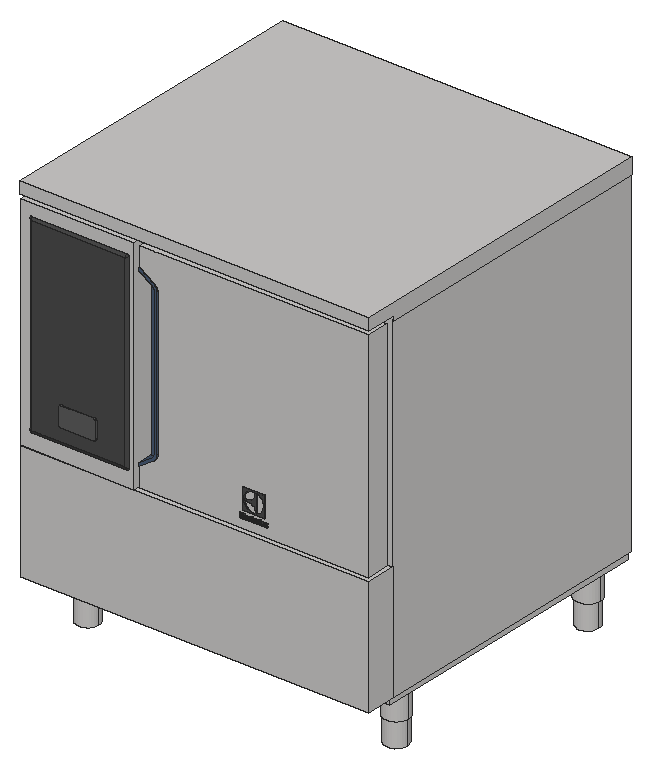
Revit family "QF_ELECTROLUXPROFESSIONAL_725539_EBFA61TE", category Specialty Equipment, Revit 2023
Family settings
  Round Connector Dimension = Use Diameter
  Part Type = Normal
  Work Plane-Based = No
  Enable Cutting in Views = No
  Always vertical = Yes
  Cut with Voids When Loaded = No
  Maintain Annotation Orientation = No
  Shared = No
  Room Calculation Point = No
Parameters
  Weight = 175.00 kg
  Watts = 0 W
  Volts = 380 V
  URL Manufacturer = "http://www.electroluxprofessional.com"
  URL = "http://www.electroluxprofessional.com"
  Steam Supply Size = 0 mm
  Steam Supply Minimum Pressure = 0.0 Pa
  Steam Supply Maximum Pressure = 0.0 Pa
  Steam Pounds per Hour = 0
  Show Logo [instance] = yes
  Show Clearance [instance] = yes
  Refrigeration Suction Line Size = 0 mm
  Refrigeration Liquid Line Size = 0 mm
  Refrigerant Compressor Remote = yes
  Manufacturer = "Electrolux Professional"
  Phase = 3
  Model = "EBFA61TE"
  Length Actual = 897 mm
  Item Number = "725539"
  Hot Water Size = 0 mm
  Height Actual = 1060 mm
  HP = "3.6 HP"
  Gas Size = 0 mm
  Gas KW = 0
  Gas Input Pressure = 0 W
  Direct Waste Size = 139.7 mm
  Description = "SKYLINE CHILLS BLAST CHILLER FREEZER 30/30KG 6 GN 1/1 - WITH TOP - R290"
  Depth Actual = 937 mm
  Default Elevation = 0 mm
  Cycle = 50 Hz
  Condensate Return Size = 0 mm
  Compressed Air Volume = 0.0 L/s
  Compressed Air Size = 0 mm
  Compressed Air Pressure = 0.0 Pa
  Cold Water Size = 0 mm
  Accessory = no
Reference planes
  plane 1 "Center X": y = 126.851
  plane 2: z = 0
  plane 3 "Center Y": x = -311.5
  plane 4 "LEFT": x = -760
  plane 5 "BACK": y = 548.851
  plane 6 "RIGHT": x = 137
  plane 7 "FRONT": y = -295.149
  plane 8: z = 130
  plane 9 "TOP": z = 1060.038
  plane 10: x = -708
  plane 11: y = 473.851
  plane 12: x = 85
  plane 13: y = -142.149
  plane 14: z = 1020.038
  plane 15: y = 641.851
  plane 16: y = -847.149
Forms (mm)
  Extrusion 1, solid, material "QF_Finishes_Stainless Steel"
    sketch origin (0, 0, 1060.038) x (-1, 0, 0) y (0, -1, 0)
      loop
        line (759, -548.851) -> (759, 216.149) -> (-136, 216.149) -> (-136, -548.851) -> (759, -548.851)
    from -40 to -910.018
  Extrusion 2, solid, material "QF_Finishes_Stainless Steel"
    sketch origin (0, -295.149, 0) x (-1, 0, 0) y (0, 0, 1)
      loop
        line (451.2, 1020.033) -> (-135.995, 1020.033) -> (-135.995, 462.497) -> (451.2, 462.497) -> (451.2, 513.683) -> (415.41, 537.406)
        arc (415.41, 537.406) -> (408.839, 544.616) -> (406.46, 554.076) r 20
        line (406.46, 554.076) -> (406.46, 928.989)
        arc (406.46, 928.989) -> (408.716, 937.969) -> (414.947, 944.816) r 19
        line (414.947, 944.816) -> (451.2, 968.898) -> (451.2, 1020.033)
    from 0 to 60
  Extrusion 3, void
    sketch origin (-759, -216.149, 1060.038) x (-1, 0, 0) y (0, 0, 1)
      loop
        line (-370.8, -100) -> (-826.8, -100) -> (-826.8, -491.98) -> (-370.8, -491.98) -> (-370.8, -100)
    from 0 to 703
  Extrusion 4, solid, material "QF_Finishes_Stainless Steel"
    sketch origin (-760, -0.954, 0) x (0, 1, 0) y (0, 0, 1)
      loop
        line (549.805, 694.306) -> (549.805, 392.314) -> (635.5, 399.789)
        arc (635.5, 399.789) -> (640.702, 402.354) -> (642.805, 407.759) r 8
        line (642.805, 407.759) -> (642.805, 433.233)
        arc (642.805, 433.233) -> (638.783, 442.547) -> (642.805, 451.86) r 12.795
        line (642.805, 451.86) -> (642.805, 483.24)
        arc (642.805, 483.24) -> (638.783, 492.554) -> (642.805, 501.867) r 12.795
        line (642.805, 501.867) -> (642.805, 533.247)
        arc (642.805, 533.247) -> (638.783, 542.56) -> (642.805, 551.874) r 12.795
        line (642.805, 551.874) -> (642.805, 583.254)
        arc (642.805, 583.254) -> (638.783, 592.567) -> (642.805, 601.881) r 12.795
        line (642.805, 601.881) -> (642.805, 634.796)
        arc (642.805, 634.796) -> (641.466, 639.795) -> (637.808, 643.455) r 10
        line (637.808, 643.455) -> (549.805, 694.306)
    from 123.244 to 306.92
  Extrusion 5, solid, material "QF_Finishes_Stainless Steel"
    sketch origin (-817.599, 548.851, 1060.038) x (1, 0, 0) y (0, 0, -1)
      loop
        circle (121.599, 802.038) r 10.5
    from 0 to 29
  Extrusion 6, solid, material "QF_Finishes_Stainless Steel"
    sketch origin (0, -235.149, 0) x (-1, 0, 0) y (0, 0, 1)
      loop
        arc (406.46, 554.076) -> (408.839, 544.616) -> (415.41, 537.406) r 20
        line (415.41, 537.406) -> (451.2, 513.683) -> (451.2, 968.898) -> (414.947, 944.816)
        arc (414.947, 944.816) -> (408.716, 937.969) -> (406.46, 928.989) r 19
        line (406.46, 928.989) -> (406.46, 554.076)
    from -21 to 0
  Extrusion 7, solid, material "QF_Finishes_Electrolux_Blue"
    sketch origin (0, -295.149, 0) x (1, 0, 0) y (0, 0, 1)
      loop
        line (-451.2, 968.898) -> (-453.7, 968.898) -> (-453.7, 962.755) -> (-418.543, 939.401)
        arc (-418.543, 939.401) -> (-414.444, 934.897) -> (-412.96, 928.989) r 12.5
        line (-412.96, 928.989) -> (-412.96, 554.076)
        arc (-412.96, 554.076) -> (-414.566, 547.691) -> (-419.001, 542.824) r 13.5
        line (-419.001, 542.824) -> (-453.7, 519.824) -> (-453.7, 513.683) -> (-451.2, 513.683) -> (-415.41, 537.406)
        arc (-415.41, 537.406) -> (-408.839, 544.616) -> (-406.46, 554.076) r 20
        line (-406.46, 554.076) -> (-406.46, 928.989)
        arc (-406.46, 928.989) -> (-408.716, 937.969) -> (-414.947, 944.816) r 19
        line (-414.947, 944.816) -> (-451.2, 968.898)
    from -39 to 1
  Extrusion 8, solid, material "QF_Finishes_Stainless Steel"
    sketch origin (0, 0, 1060.038) x (-1, 0, 0) y (0, -1, 0)
      loop
        line (759, 295.149) -> (467.2, 295.149) -> (467.2, 217.149) -> (759, 217.149) -> (759, 295.149)
    from -40 to -607
  Extrusion 9, solid, material "QF_Finishes_Stainless Steel"
    sketch origin (-1206.916, -1524, 130) x (-1, 0, 0) y (0, -1, 0)
      loop
        line (-447.916, -1228.851) -> (-1342.916, -1228.851) -> (-1342.916, -1306.851) -> (-447.916, -1306.851) -> (-447.916, -1228.851)
    from 322 to 20.02
  Extrusion 10, solid, material "QF_Finishes_Stainless Steel"
    sketch origin (-311.5, 0, 0) x (0, 1, 0) y (0, 0, 1)
      loop
        line (548.851, 1060.038) -> (-295.149, 1060.038) -> (-295.149, 1030.034) -> (-216.149, 1030.034) -> (-216.149, 1020.038) -> (548.851, 1020.038) -> (548.851, 1060.038)
    from -448.5 to 448.5
  Extrusion 11, solid, material "QF_Finishes_Stainless Steel"
    sketch origin (0, 0, 1060.038) x (-1, 0, 0) y (0, -1, 0)
      loop
        line (748.993, -548.851) -> (748.993, 214.216) -> (-125.993, 214.216) -> (-125.993, -548.851) -> (748.993, -548.851)
    from -910.018 to -930.038
  Extrusion 12, solid, material "QF_Finishes_Stainless Steel"
    sketch origin (0, 0, 130) x (0, -1, 0) y (-1, 0, 0)
      loop
        circle (-215.851, 360) r 9.5
    from 0 to 31.68
  Extrusion 13, void
    sketch origin (0, 0, 1060.038) x (-1, 0, 0) y (0, -1, 0)
      loop
        line (627.033, -641.851) -> (636.756, -641.851) -> (636.756, -548.851) -> (635.125, -548.851) -> (627.033, -641.851)
      loop
        line (454.711, -548.851) -> (453.08, -548.851) -> (453.08, -641.851) -> (462.803, -641.851) -> (454.711, -548.851)
    from -673 to -363
  Extrusion 14, solid, material "QF_Door-Drawer Clearances", visible <- "Show Clearance", detail levels coarse
    sketch origin (143, -393.449, 0) x (0, -1, 0) y (0, 0, 1)
      loop
        line (451.2, 1020.033) -> (-98.3, 1020.033) -> (-98.3, 462.497) -> (451.2, 462.497) -> (451.2, 513.683) -> (415.41, 537.406)
        arc (415.41, 537.406) -> (408.839, 544.616) -> (406.46, 554.076) r 20
        line (406.46, 554.076) -> (406.46, 928.989)
        arc (406.46, 928.989) -> (408.716, 937.969) -> (414.947, 944.816) r 19
        line (414.947, 944.816) -> (451.2, 968.898) -> (451.2, 1020.033)
    from 0 to 60
  Extrusion 15, solid, material "QF_Door-Drawer Clearances", visible <- "Show Clearance", detail levels coarse
    sketch origin (83, -393.449, 0) x (0, -1, 0) y (0, 0, 1)
      loop
        arc (406.46, 554.076) -> (408.839, 544.616) -> (415.41, 537.406) r 20
        line (415.41, 537.406) -> (451.2, 513.683) -> (451.2, 968.898) -> (414.947, 944.816)
        arc (414.947, 944.816) -> (408.716, 937.969) -> (406.46, 928.989) r 19
        line (406.46, 928.989) -> (406.46, 554.076)
    from -21 to 0
  Extrusion 16, solid, material "QF_Door-Drawer Clearances", visible <- "Show Clearance", detail levels coarse
    sketch origin (143, -393.449, 0) x (0, 1, 0) y (0, 0, 1)
      loop
        line (-451.2, 968.898) -> (-453.7, 968.898) -> (-453.7, 962.755) -> (-418.543, 939.401)
        arc (-418.543, 939.401) -> (-414.444, 934.897) -> (-412.96, 928.989) r 12.5
        line (-412.96, 928.989) -> (-412.96, 554.076)
        arc (-412.96, 554.076) -> (-414.566, 547.691) -> (-419.001, 542.824) r 13.5
        line (-419.001, 542.824) -> (-453.7, 519.824) -> (-453.7, 513.683) -> (-451.2, 513.683) -> (-415.41, 537.406)
        arc (-415.41, 537.406) -> (-408.839, 544.616) -> (-406.46, 554.076) r 20
        line (-406.46, 554.076) -> (-406.46, 928.989)
        arc (-406.46, 928.989) -> (-408.716, 937.969) -> (-414.947, 944.816) r 19
        line (-414.947, 944.816) -> (-451.2, 968.898)
    from -39 to 1
  Extrusion 17, solid, material "QF_Door-Drawer Clearances", visible <- "Show Clearance", detail levels coarse
    sketch origin (0, 0, 1060.038) x (-1, 0, 0) y (0, -1, 0)
      loop
        line (-83, 295.149) -> (451.2, 295.149)
        arc (451.2, 295.149) -> (290.883, 673.709) -> (-83, 844.649) r 567.425
        line (-83, 844.649) -> (-83, 295.149)
    from -597.541 to -40
Cuts and joins
  Extrusion 3 cuts Extrusion 1
  Extrusion 13 cuts Extrusion 4
  joined: Extrusion 1, Extrusion 4, Extrusion 5, Extrusion 10, Extrusion 11, Extrusion 12
  joined: Extrusion 2, Extrusion 6
  joined: Extrusion 14, Extrusion 15, Extrusion 16, Extrusion 17
Lines and regions (mm)
  Split face 1
    outline origin (-489, -295.149, 130) x (-1, 0, 0) y (0, 0, -1)
      loop
        line (-132.388, -290.639) -> (-22.373, -290.639) -> (-22.373, -285.612) -> (-132.388, -285.612) -> (-132.388, -290.639)
  Split face 2
    outline origin (-489, -295.149, 120.528) x (-1, 0, 0) y (0, 0, -1)
      loop
        line (-132.388, -290.639) -> (-22.373, -290.639) -> (-22.373, -285.612) -> (-132.388, -285.612) -> (-132.388, -290.639)
  Split face 3
    outline origin (-489, -295.149, 111.056) x (-1, 0, 0) y (0, 0, -1)
      loop
        line (-132.388, -290.639) -> (-22.373, -290.639) -> (-22.373, -285.612) -> (-132.388, -285.612) -> (-132.388, -290.639)
  Split face 4
    outline origin (-489, -295.149, 101.583) x (-1, 0, 0) y (0, 0, -1)
      loop
        line (-132.388, -290.639) -> (-22.373, -290.639) -> (-22.373, -285.612) -> (-132.388, -285.612) -> (-132.388, -290.639)
  Split face 5
    outline origin (-489, -295.149, 92.111) x (-1, 0, 0) y (0, 0, -1)
      loop
        line (-132.388, -290.639) -> (-22.373, -290.639) -> (-22.373, -285.612) -> (-132.388, -285.612) -> (-132.388, -290.639)
  Split face 6
    outline origin (-489, -295.149, 82.639) x (-1, 0, 0) y (0, 0, -1)
      loop
        line (-132.388, -290.639) -> (-22.373, -290.639) -> (-22.373, -285.612) -> (-132.388, -285.612) -> (-132.388, -290.639)
  Split face 7
    outline origin (-489, -295.149, 73.167) x (-1, 0, 0) y (0, 0, -1)
      loop
        line (-132.388, -290.639) -> (-22.373, -290.639) -> (-22.373, -285.612) -> (-132.388, -285.612) -> (-132.388, -290.639)
  Split face 8
    outline origin (-489, -295.149, 63.695) x (-1, 0, 0) y (0, 0, -1)
      loop
        line (-132.388, -290.639) -> (-22.373, -290.639) -> (-22.373, -285.612) -> (-132.388, -285.612) -> (-132.388, -290.639)
  Split face 9
    outline origin (-489, -295.149, 54.223) x (-1, 0, 0) y (0, 0, -1)
      loop
        line (-132.388, -290.639) -> (-22.373, -290.639) -> (-22.373, -285.612) -> (-132.388, -285.612) -> (-132.388, -290.639)
  Split face 10
    outline origin (-489, -295.149, 44.75) x (-1, 0, 0) y (0, 0, -1)
      loop
        line (-132.388, -290.639) -> (-22.373, -290.639) -> (-22.373, -285.612) -> (-132.388, -285.612) -> (-132.388, -290.639)
  Split face 11
    outline origin (-489, -295.149, 35.278) x (-1, 0, 0) y (0, 0, -1)
      loop
        line (-132.388, -290.639) -> (-22.373, -290.639) -> (-22.373, -285.612) -> (-132.388, -285.612) -> (-132.388, -290.639)
  Split face 12
    outline origin (-489, -295.149, 25.806) x (-1, 0, 0) y (0, 0, -1)
      loop
        line (-132.388, -290.639) -> (-22.373, -290.639) -> (-22.373, -285.612) -> (-132.388, -285.612) -> (-132.388, -290.639)
  Split face 13
    outline origin (-489, -295.149, 16.334) x (-1, 0, 0) y (0, 0, -1)
      loop
        line (-132.388, -290.639) -> (-22.373, -290.639) -> (-22.373, -285.612) -> (-132.388, -285.612) -> (-132.388, -290.639)
  Split face 14
    outline origin (-489, -295.149, 6.862) x (-1, 0, 0) y (0, 0, -1)
      loop
        line (-132.388, -290.639) -> (-22.373, -290.639) -> (-22.373, -285.612) -> (-132.388, -285.612) -> (-132.388, -290.639)
  Split face 15
    outline origin (-489, -295.149, -2.611) x (-1, 0, 0) y (0, 0, -1)
      loop
        line (-132.388, -290.639) -> (-22.373, -290.639) -> (-22.373, -285.612) -> (-132.388, -285.612) -> (-132.388, -290.639)
  Split face 16
    outline origin (-489, -295.149, -12.083) x (-1, 0, 0) y (0, 0, -1)
      loop
        line (-132.388, -290.639) -> (-22.373, -290.639) -> (-22.373, -285.612) -> (-132.388, -285.612) -> (-132.388, -290.639)
  Split face 17
    outline origin (-489, -295.149, -21.555) x (-1, 0, 0) y (0, 0, -1)
      loop
        line (-132.388, -290.639) -> (-22.373, -290.639) -> (-22.373, -285.612) -> (-132.388, -285.612) -> (-132.388, -290.639)
  Split face 18
    outline origin (-489, -295.149, -31.027) x (-1, 0, 0) y (0, 0, -1)
      loop
        line (-132.388, -290.639) -> (-22.373, -290.639) -> (-22.373, -285.612) -> (-132.388, -285.612) -> (-132.388, -290.639)
  Split face 19
    outline origin (-489, -295.149, -40.499) x (-1, 0, 0) y (0, 0, -1)
      loop
        line (-132.388, -290.639) -> (-22.373, -290.639) -> (-22.373, -285.612) -> (-132.388, -285.612) -> (-132.388, -290.639)
  Split face 20
    outline origin (-489, -295.149, -49.972) x (-1, 0, 0) y (0, 0, -1)
      loop
        line (-132.388, -290.639) -> (-22.373, -290.639) -> (-22.373, -285.612) -> (-132.388, -285.612) -> (-132.388, -290.639)
  Split face 21
    outline origin (-489, -295.149, -59.444) x (-1, 0, 0) y (0, 0, -1)
      loop
        line (-132.388, -290.639) -> (-22.373, -290.639) -> (-22.373, -285.612) -> (-132.388, -285.612) -> (-132.388, -290.639)
  Split face 22
    outline origin (-489, -295.149, -68.916) x (-1, 0, 0) y (0, 0, -1)
      loop
        line (-132.388, -290.639) -> (-22.373, -290.639) -> (-22.373, -285.612) -> (-132.388, -285.612) -> (-132.388, -290.639)
  Split face 23
    outline origin (-489, -295.149, -78.388) x (-1, 0, 0) y (0, 0, -1)
      loop
        line (-132.388, -290.639) -> (-22.373, -290.639) -> (-22.373, -285.612) -> (-132.388, -285.612) -> (-132.388, -290.639)
  Split face 24
    outline origin (-489, -295.149, -87.86) x (-1, 0, 0) y (0, 0, -1)
      loop
        line (-132.388, -290.639) -> (-22.373, -290.639) -> (-22.373, -285.612) -> (-132.388, -285.612) -> (-132.388, -290.639)
  Split face 25
    outline origin (-489, -295.149, -97.332) x (-1, 0, 0) y (0, 0, -1)
      loop
        line (-132.388, -290.639) -> (-22.373, -290.639) -> (-22.373, -285.612) -> (-132.388, -285.612) -> (-132.388, -290.639)
  Split face 26
    outline origin (-489, -295.149, -106.805) x (-1, 0, 0) y (0, 0, -1)
      loop
        line (-132.388, -290.639) -> (-22.373, -290.639) -> (-22.373, -285.612) -> (-132.388, -285.612) -> (-132.388, -290.639)
  Split face 27
    outline origin (-373.984, -295.149, 130) x (-1, 0, 0) y (0, 0, -1)
      loop
        line (-132.388, -290.639) -> (-22.373, -290.639) -> (-22.373, -285.612) -> (-132.388, -285.612) -> (-132.388, -290.639)
  Split face 28
    outline origin (-373.984, -295.149, 120.528) x (-1, 0, 0) y (0, 0, -1)
      loop
        line (-132.388, -290.639) -> (-22.373, -290.639) -> (-22.373, -285.612) -> (-132.388, -285.612) -> (-132.388, -290.639)
  Split face 29
    outline origin (-373.984, -295.149, 111.056) x (-1, 0, 0) y (0, 0, -1)
      loop
        line (-132.388, -290.639) -> (-22.373, -290.639) -> (-22.373, -285.612) -> (-132.388, -285.612) -> (-132.388, -290.639)
  Split face 30
    outline origin (-373.984, -295.149, 101.583) x (-1, 0, 0) y (0, 0, -1)
      loop
        line (-132.388, -290.639) -> (-22.373, -290.639) -> (-22.373, -285.612) -> (-132.388, -285.612) -> (-132.388, -290.639)
  Split face 31
    outline origin (-373.984, -295.149, 92.111) x (-1, 0, 0) y (0, 0, -1)
      loop
        line (-132.388, -290.639) -> (-22.373, -290.639) -> (-22.373, -285.612) -> (-132.388, -285.612) -> (-132.388, -290.639)
  Split face 32
    outline origin (-373.984, -295.149, 82.639) x (-1, 0, 0) y (0, 0, -1)
      loop
        line (-132.388, -290.639) -> (-22.373, -290.639) -> (-22.373, -285.612) -> (-132.388, -285.612) -> (-132.388, -290.639)
  Split face 33
    outline origin (-373.984, -295.149, 73.167) x (-1, 0, 0) y (0, 0, -1)
      loop
        line (-132.388, -290.639) -> (-22.373, -290.639) -> (-22.373, -285.612) -> (-132.388, -285.612) -> (-132.388, -290.639)
  Split face 34
    outline origin (-373.984, -295.149, 63.695) x (-1, 0, 0) y (0, 0, -1)
      loop
        line (-132.388, -290.639) -> (-22.373, -290.639) -> (-22.373, -285.612) -> (-132.388, -285.612) -> (-132.388, -290.639)
  Split face 35
    outline origin (-373.984, -295.149, 54.223) x (-1, 0, 0) y (0, 0, -1)
      loop
        line (-132.388, -290.639) -> (-22.373, -290.639) -> (-22.373, -285.612) -> (-132.388, -285.612) -> (-132.388, -290.639)
  Split face 36
    outline origin (-373.984, -295.149, 44.75) x (-1, 0, 0) y (0, 0, -1)
      loop
        line (-132.388, -290.639) -> (-22.373, -290.639) -> (-22.373, -285.612) -> (-132.388, -285.612) -> (-132.388, -290.639)
  Split face 37
    outline origin (-373.984, -295.149, 35.278) x (-1, 0, 0) y (0, 0, -1)
      loop
        line (-132.388, -290.639) -> (-22.373, -290.639) -> (-22.373, -285.612) -> (-132.388, -285.612) -> (-132.388, -290.639)
  Split face 38
    outline origin (-373.984, -295.149, 25.806) x (-1, 0, 0) y (0, 0, -1)
      loop
        line (-132.388, -290.639) -> (-22.373, -290.639) -> (-22.373, -285.612) -> (-132.388, -285.612) -> (-132.388, -290.639)
  Split face 39
    outline origin (-373.984, -295.149, 16.334) x (-1, 0, 0) y (0, 0, -1)
      loop
        line (-132.388, -290.639) -> (-22.373, -290.639) -> (-22.373, -285.612) -> (-132.388, -285.612) -> (-132.388, -290.639)
  Split face 40
    outline origin (-373.984, -295.149, 6.862) x (-1, 0, 0) y (0, 0, -1)
      loop
        line (-132.388, -290.639) -> (-22.373, -290.639) -> (-22.373, -285.612) -> (-132.388, -285.612) -> (-132.388, -290.639)
  Split face 41
    outline origin (-373.984, -295.149, -2.611) x (-1, 0, 0) y (0, 0, -1)
      loop
        line (-132.388, -290.639) -> (-22.373, -290.639) -> (-22.373, -285.612) -> (-132.388, -285.612) -> (-132.388, -290.639)
  Split face 42
    outline origin (-373.984, -295.149, -12.083) x (-1, 0, 0) y (0, 0, -1)
      loop
        line (-132.388, -290.639) -> (-22.373, -290.639) -> (-22.373, -285.612) -> (-132.388, -285.612) -> (-132.388, -290.639)
  Split face 43
    outline origin (-373.984, -295.149, -21.555) x (-1, 0, 0) y (0, 0, -1)
      loop
        line (-132.388, -290.639) -> (-22.373, -290.639) -> (-22.373, -285.612) -> (-132.388, -285.612) -> (-132.388, -290.639)
  Split face 44
    outline origin (-373.984, -295.149, -31.027) x (-1, 0, 0) y (0, 0, -1)
      loop
        line (-132.388, -290.639) -> (-22.373, -290.639) -> (-22.373, -285.612) -> (-132.388, -285.612) -> (-132.388, -290.639)
  Split face 45
    outline origin (-373.984, -295.149, -40.499) x (-1, 0, 0) y (0, 0, -1)
      loop
        line (-132.388, -290.639) -> (-22.373, -290.639) -> (-22.373, -285.612) -> (-132.388, -285.612) -> (-132.388, -290.639)
  Split face 46
    outline origin (-373.984, -295.149, -49.972) x (-1, 0, 0) y (0, 0, -1)
      loop
        line (-132.388, -290.639) -> (-22.373, -290.639) -> (-22.373, -285.612) -> (-132.388, -285.612) -> (-132.388, -290.639)
  Split face 47
    outline origin (-373.984, -295.149, -59.444) x (-1, 0, 0) y (0, 0, -1)
      loop
        line (-132.388, -290.639) -> (-22.373, -290.639) -> (-22.373, -285.612) -> (-132.388, -285.612) -> (-132.388, -290.639)
  Split face 48
    outline origin (-373.984, -295.149, -68.916) x (-1, 0, 0) y (0, 0, -1)
      loop
        line (-132.388, -290.639) -> (-22.373, -290.639) -> (-22.373, -285.612) -> (-132.388, -285.612) -> (-132.388, -290.639)
  Split face 49
    outline origin (-373.984, -295.149, -78.388) x (-1, 0, 0) y (0, 0, -1)
      loop
        line (-132.388, -290.639) -> (-22.373, -290.639) -> (-22.373, -285.612) -> (-132.388, -285.612) -> (-132.388, -290.639)
  Split face 50
    outline origin (-373.984, -295.149, -87.86) x (-1, 0, 0) y (0, 0, -1)
      loop
        line (-132.388, -290.639) -> (-22.373, -290.639) -> (-22.373, -285.612) -> (-132.388, -285.612) -> (-132.388, -290.639)
  Split face 51
    outline origin (-373.984, -295.149, -97.332) x (-1, 0, 0) y (0, 0, -1)
      loop
        line (-132.388, -290.639) -> (-22.373, -290.639) -> (-22.373, -285.612) -> (-132.388, -285.612) -> (-132.388, -290.639)
  Split face 52
    outline origin (-373.984, -295.149, -106.805) x (-1, 0, 0) y (0, 0, -1)
      loop
        line (-132.388, -290.639) -> (-22.373, -290.639) -> (-22.373, -285.612) -> (-132.388, -285.612) -> (-132.388, -290.639)
  Split face 53
    outline origin (-258.969, -295.149, 130) x (-1, 0, 0) y (0, 0, -1)
      loop
        line (-132.388, -290.639) -> (-22.373, -290.639) -> (-22.373, -285.612) -> (-132.388, -285.612) -> (-132.388, -290.639)
  Split face 54
    outline origin (-258.969, -295.149, 120.528) x (-1, 0, 0) y (0, 0, -1)
      loop
        line (-132.388, -290.639) -> (-22.373, -290.639) -> (-22.373, -285.612) -> (-132.388, -285.612) -> (-132.388, -290.639)
  Split face 55
    outline origin (-258.969, -295.149, 111.056) x (-1, 0, 0) y (0, 0, -1)
      loop
        line (-132.388, -290.639) -> (-22.373, -290.639) -> (-22.373, -285.612) -> (-132.388, -285.612) -> (-132.388, -290.639)
  Split face 56
    outline origin (-258.969, -295.149, 101.583) x (-1, 0, 0) y (0, 0, -1)
      loop
        line (-132.388, -290.639) -> (-22.373, -290.639) -> (-22.373, -285.612) -> (-132.388, -285.612) -> (-132.388, -290.639)
  Split face 57
    outline origin (-258.969, -295.149, 92.111) x (-1, 0, 0) y (0, 0, -1)
      loop
        line (-132.388, -290.639) -> (-22.373, -290.639) -> (-22.373, -285.612) -> (-132.388, -285.612) -> (-132.388, -290.639)
  Split face 58
    outline origin (-258.969, -295.149, 82.639) x (-1, 0, 0) y (0, 0, -1)
      loop
        line (-132.388, -290.639) -> (-22.373, -290.639) -> (-22.373, -285.612) -> (-132.388, -285.612) -> (-132.388, -290.639)
  Split face 59
    outline origin (-258.969, -295.149, 73.167) x (-1, 0, 0) y (0, 0, -1)
      loop
        line (-132.388, -290.639) -> (-22.373, -290.639) -> (-22.373, -285.612) -> (-132.388, -285.612) -> (-132.388, -290.639)
  Split face 60
    outline origin (-258.969, -295.149, 63.695) x (-1, 0, 0) y (0, 0, -1)
      loop
        line (-132.388, -290.639) -> (-22.373, -290.639) -> (-22.373, -285.612) -> (-132.388, -285.612) -> (-132.388, -290.639)
  Split face 61
    outline origin (-258.969, -295.149, 54.223) x (-1, 0, 0) y (0, 0, -1)
      loop
        line (-132.388, -290.639) -> (-22.373, -290.639) -> (-22.373, -285.612) -> (-132.388, -285.612) -> (-132.388, -290.639)
  Split face 62
    outline origin (-258.969, -295.149, 44.75) x (-1, 0, 0) y (0, 0, -1)
      loop
        line (-132.388, -290.639) -> (-22.373, -290.639) -> (-22.373, -285.612) -> (-132.388, -285.612) -> (-132.388, -290.639)
  Split face 63
    outline origin (-258.969, -295.149, 35.278) x (-1, 0, 0) y (0, 0, -1)
      loop
        line (-132.388, -290.639) -> (-22.373, -290.639) -> (-22.373, -285.612) -> (-132.388, -285.612) -> (-132.388, -290.639)
  Split face 64
    outline origin (-258.969, -295.149, 25.806) x (-1, 0, 0) y (0, 0, -1)
      loop
        line (-132.388, -290.639) -> (-22.373, -290.639) -> (-22.373, -285.612) -> (-132.388, -285.612) -> (-132.388, -290.639)
  Split face 65
    outline origin (-258.969, -295.149, 16.334) x (-1, 0, 0) y (0, 0, -1)
      loop
        line (-132.388, -290.639) -> (-22.373, -290.639) -> (-22.373, -285.612) -> (-132.388, -285.612) -> (-132.388, -290.639)
  Split face 66
    outline origin (-258.969, -295.149, 6.862) x (-1, 0, 0) y (0, 0, -1)
      loop
        line (-132.388, -290.639) -> (-22.373, -290.639) -> (-22.373, -285.612) -> (-132.388, -285.612) -> (-132.388, -290.639)
  Split face 67
    outline origin (-258.969, -295.149, -2.611) x (-1, 0, 0) y (0, 0, -1)
      loop
        line (-132.388, -290.639) -> (-22.373, -290.639) -> (-22.373, -285.612) -> (-132.388, -285.612) -> (-132.388, -290.639)
  Split face 68
    outline origin (-258.969, -295.149, -12.083) x (-1, 0, 0) y (0, 0, -1)
      loop
        line (-132.388, -290.639) -> (-22.373, -290.639) -> (-22.373, -285.612) -> (-132.388, -285.612) -> (-132.388, -290.639)
  Split face 69
    outline origin (-258.969, -295.149, -21.555) x (-1, 0, 0) y (0, 0, -1)
      loop
        line (-132.388, -290.639) -> (-22.373, -290.639) -> (-22.373, -285.612) -> (-132.388, -285.612) -> (-132.388, -290.639)
  Split face 70
    outline origin (-258.969, -295.149, -31.027) x (-1, 0, 0) y (0, 0, -1)
      loop
        line (-132.388, -290.639) -> (-22.373, -290.639) -> (-22.373, -285.612) -> (-132.388, -285.612) -> (-132.388, -290.639)
  Split face 71
    outline origin (-258.969, -295.149, -40.499) x (-1, 0, 0) y (0, 0, -1)
      loop
        line (-132.388, -290.639) -> (-22.373, -290.639) -> (-22.373, -285.612) -> (-132.388, -285.612) -> (-132.388, -290.639)
  Split face 72
    outline origin (-258.969, -295.149, -49.972) x (-1, 0, 0) y (0, 0, -1)
      loop
        line (-132.388, -290.639) -> (-22.373, -290.639) -> (-22.373, -285.612) -> (-132.388, -285.612) -> (-132.388, -290.639)
  Split face 73
    outline origin (-258.969, -295.149, -59.444) x (-1, 0, 0) y (0, 0, -1)
      loop
        line (-132.388, -290.639) -> (-22.373, -290.639) -> (-22.373, -285.612) -> (-132.388, -285.612) -> (-132.388, -290.639)
  Split face 74
    outline origin (-258.969, -295.149, -68.916) x (-1, 0, 0) y (0, 0, -1)
      loop
        line (-132.388, -290.639) -> (-22.373, -290.639) -> (-22.373, -285.612) -> (-132.388, -285.612) -> (-132.388, -290.639)
  Split face 75
    outline origin (-258.969, -295.149, -78.388) x (-1, 0, 0) y (0, 0, -1)
      loop
        line (-132.388, -290.639) -> (-22.373, -290.639) -> (-22.373, -285.612) -> (-132.388, -285.612) -> (-132.388, -290.639)
  Split face 76
    outline origin (-258.969, -295.149, -87.86) x (-1, 0, 0) y (0, 0, -1)
      loop
        line (-132.388, -290.639) -> (-22.373, -290.639) -> (-22.373, -285.612) -> (-132.388, -285.612) -> (-132.388, -290.639)
  Split face 77
    outline origin (-258.969, -295.149, -97.332) x (-1, 0, 0) y (0, 0, -1)
      loop
        line (-132.388, -290.639) -> (-22.373, -290.639) -> (-22.373, -285.612) -> (-132.388, -285.612) -> (-132.388, -290.639)
  Split face 78
    outline origin (-258.969, -295.149, -106.805) x (-1, 0, 0) y (0, 0, -1)
      loop
        line (-132.388, -290.639) -> (-22.373, -290.639) -> (-22.373, -285.612) -> (-132.388, -285.612) -> (-132.388, -290.639)
  Split face 79
    outline origin (-143.953, -295.149, 130) x (-1, 0, 0) y (0, 0, -1)
      loop
        line (-132.388, -290.639) -> (-22.373, -290.639) -> (-22.373, -285.612) -> (-132.388, -285.612) -> (-132.388, -290.639)
  Split face 80
    outline origin (-143.953, -295.149, 120.528) x (-1, 0, 0) y (0, 0, -1)
      loop
        line (-132.388, -290.639) -> (-22.373, -290.639) -> (-22.373, -285.612) -> (-132.388, -285.612) -> (-132.388, -290.639)
  Split face 81
    outline origin (-143.953, -295.149, 111.056) x (-1, 0, 0) y (0, 0, -1)
      loop
        line (-132.388, -290.639) -> (-22.373, -290.639) -> (-22.373, -285.612) -> (-132.388, -285.612) -> (-132.388, -290.639)
  Split face 82
    outline origin (-143.953, -295.149, 101.583) x (-1, 0, 0) y (0, 0, -1)
      loop
        line (-132.388, -290.639) -> (-22.373, -290.639) -> (-22.373, -285.612) -> (-132.388, -285.612) -> (-132.388, -290.639)
  Split face 83
    outline origin (-143.953, -295.149, 92.111) x (-1, 0, 0) y (0, 0, -1)
      loop
        line (-132.388, -290.639) -> (-22.373, -290.639) -> (-22.373, -285.612) -> (-132.388, -285.612) -> (-132.388, -290.639)
  Split face 84
    outline origin (-143.953, -295.149, 82.639) x (-1, 0, 0) y (0, 0, -1)
      loop
        line (-132.388, -290.639) -> (-22.373, -290.639) -> (-22.373, -285.612) -> (-132.388, -285.612) -> (-132.388, -290.639)
  Split face 85
    outline origin (-143.953, -295.149, 73.167) x (-1, 0, 0) y (0, 0, -1)
      loop
        line (-132.388, -290.639) -> (-22.373, -290.639) -> (-22.373, -285.612) -> (-132.388, -285.612) -> (-132.388, -290.639)
  Split face 86
    outline origin (-143.953, -295.149, 63.695) x (-1, 0, 0) y (0, 0, -1)
      loop
        line (-132.388, -290.639) -> (-22.373, -290.639) -> (-22.373, -285.612) -> (-132.388, -285.612) -> (-132.388, -290.639)
  Split face 87
    outline origin (-143.953, -295.149, 54.223) x (-1, 0, 0) y (0, 0, -1)
      loop
        line (-132.388, -290.639) -> (-22.373, -290.639) -> (-22.373, -285.612) -> (-132.388, -285.612) -> (-132.388, -290.639)
  Split face 88
    outline origin (-143.953, -295.149, 44.75) x (-1, 0, 0) y (0, 0, -1)
      loop
        line (-132.388, -290.639) -> (-22.373, -290.639) -> (-22.373, -285.612) -> (-132.388, -285.612) -> (-132.388, -290.639)
  Split face 89
    outline origin (-143.953, -295.149, 35.278) x (-1, 0, 0) y (0, 0, -1)
      loop
        line (-132.388, -290.639) -> (-22.373, -290.639) -> (-22.373, -285.612) -> (-132.388, -285.612) -> (-132.388, -290.639)
  Split face 90
    outline origin (-143.953, -295.149, 25.806) x (-1, 0, 0) y (0, 0, -1)
      loop
        line (-132.388, -290.639) -> (-22.373, -290.639) -> (-22.373, -285.612) -> (-132.388, -285.612) -> (-132.388, -290.639)
  Split face 91
    outline origin (-143.953, -295.149, 16.334) x (-1, 0, 0) y (0, 0, -1)
      loop
        line (-132.388, -290.639) -> (-22.373, -290.639) -> (-22.373, -285.612) -> (-132.388, -285.612) -> (-132.388, -290.639)
  Split face 92
    outline origin (-143.953, -295.149, 6.862) x (-1, 0, 0) y (0, 0, -1)
      loop
        line (-132.388, -290.639) -> (-22.373, -290.639) -> (-22.373, -285.612) -> (-132.388, -285.612) -> (-132.388, -290.639)
  Split face 93
    outline origin (-143.953, -295.149, -2.611) x (-1, 0, 0) y (0, 0, -1)
      loop
        line (-132.388, -290.639) -> (-22.373, -290.639) -> (-22.373, -285.612) -> (-132.388, -285.612) -> (-132.388, -290.639)
  Split face 94
    outline origin (-143.953, -295.149, -12.083) x (-1, 0, 0) y (0, 0, -1)
      loop
        line (-132.388, -290.639) -> (-22.373, -290.639) -> (-22.373, -285.612) -> (-132.388, -285.612) -> (-132.388, -290.639)
  Split face 95
    outline origin (-143.953, -295.149, -21.555) x (-1, 0, 0) y (0, 0, -1)
      loop
        line (-132.388, -290.639) -> (-22.373, -290.639) -> (-22.373, -285.612) -> (-132.388, -285.612) -> (-132.388, -290.639)
  Split face 96
    outline origin (-143.953, -295.149, -31.027) x (-1, 0, 0) y (0, 0, -1)
      loop
        line (-132.388, -290.639) -> (-22.373, -290.639) -> (-22.373, -285.612) -> (-132.388, -285.612) -> (-132.388, -290.639)
  Split face 97
    outline origin (-143.953, -295.149, -40.499) x (-1, 0, 0) y (0, 0, -1)
      loop
        line (-132.388, -290.639) -> (-22.373, -290.639) -> (-22.373, -285.612) -> (-132.388, -285.612) -> (-132.388, -290.639)
  Split face 98
    outline origin (-143.953, -295.149, -49.972) x (-1, 0, 0) y (0, 0, -1)
      loop
        line (-132.388, -290.639) -> (-22.373, -290.639) -> (-22.373, -285.612) -> (-132.388, -285.612) -> (-132.388, -290.639)
  Split face 99
    outline origin (-143.953, -295.149, -59.444) x (-1, 0, 0) y (0, 0, -1)
      loop
        line (-132.388, -290.639) -> (-22.373, -290.639) -> (-22.373, -285.612) -> (-132.388, -285.612) -> (-132.388, -290.639)
  Split face 100
    outline origin (-143.953, -295.149, -68.916) x (-1, 0, 0) y (0, 0, -1)
      loop
        line (-132.388, -290.639) -> (-22.373, -290.639) -> (-22.373, -285.612) -> (-132.388, -285.612) -> (-132.388, -290.639)
  Split face 101
    outline origin (-143.953, -295.149, -78.388) x (-1, 0, 0) y (0, 0, -1)
      loop
        line (-132.388, -290.639) -> (-22.373, -290.639) -> (-22.373, -285.612) -> (-132.388, -285.612) -> (-132.388, -290.639)
  Split face 102
    outline origin (-143.953, -295.149, -87.86) x (-1, 0, 0) y (0, 0, -1)
      loop
        line (-132.388, -290.639) -> (-22.373, -290.639) -> (-22.373, -285.612) -> (-132.388, -285.612) -> (-132.388, -290.639)
  Split face 103
    outline origin (-143.953, -295.149, -97.332) x (-1, 0, 0) y (0, 0, -1)
      loop
        line (-132.388, -290.639) -> (-22.373, -290.639) -> (-22.373, -285.612) -> (-132.388, -285.612) -> (-132.388, -290.639)
  Split face 104
    outline origin (-143.953, -295.149, -106.805) x (-1, 0, 0) y (0, 0, -1)
      loop
        line (-132.388, -290.639) -> (-22.373, -290.639) -> (-22.373, -285.612) -> (-132.388, -285.612) -> (-132.388, -290.639)
  Split face 105
    outline origin (-28.938, -295.149, 130) x (-1, 0, 0) y (0, 0, -1)
      loop
        line (-132.388, -290.639) -> (-22.373, -290.639) -> (-22.373, -285.612) -> (-132.388, -285.612) -> (-132.388, -290.639)
  Split face 106
    outline origin (-28.938, -295.149, 120.528) x (-1, 0, 0) y (0, 0, -1)
      loop
        line (-132.388, -290.639) -> (-22.373, -290.639) -> (-22.373, -285.612) -> (-132.388, -285.612) -> (-132.388, -290.639)
  Split face 107
    outline origin (-28.938, -295.149, 111.056) x (-1, 0, 0) y (0, 0, -1)
      loop
        line (-132.388, -290.639) -> (-22.373, -290.639) -> (-22.373, -285.612) -> (-132.388, -285.612) -> (-132.388, -290.639)
  Split face 108
    outline origin (-28.938, -295.149, 101.583) x (-1, 0, 0) y (0, 0, -1)
      loop
        line (-132.388, -290.639) -> (-22.373, -290.639) -> (-22.373, -285.612) -> (-132.388, -285.612) -> (-132.388, -290.639)
  Split face 109
    outline origin (-28.938, -295.149, 92.111) x (-1, 0, 0) y (0, 0, -1)
      loop
        line (-132.388, -290.639) -> (-22.373, -290.639) -> (-22.373, -285.612) -> (-132.388, -285.612) -> (-132.388, -290.639)
  Split face 110
    outline origin (-28.938, -295.149, 82.639) x (-1, 0, 0) y (0, 0, -1)
      loop
        line (-132.388, -290.639) -> (-22.373, -290.639) -> (-22.373, -285.612) -> (-132.388, -285.612) -> (-132.388, -290.639)
  Split face 111
    outline origin (-28.938, -295.149, 73.167) x (-1, 0, 0) y (0, 0, -1)
      loop
        line (-132.388, -290.639) -> (-22.373, -290.639) -> (-22.373, -285.612) -> (-132.388, -285.612) -> (-132.388, -290.639)
  Split face 112
    outline origin (-28.938, -295.149, 63.695) x (-1, 0, 0) y (0, 0, -1)
      loop
        line (-132.388, -290.639) -> (-22.373, -290.639) -> (-22.373, -285.612) -> (-132.388, -285.612) -> (-132.388, -290.639)
  Split face 113
    outline origin (-28.938, -295.149, 54.223) x (-1, 0, 0) y (0, 0, -1)
      loop
        line (-132.388, -290.639) -> (-22.373, -290.639) -> (-22.373, -285.612) -> (-132.388, -285.612) -> (-132.388, -290.639)
  Split face 114
    outline origin (-28.938, -295.149, 44.75) x (-1, 0, 0) y (0, 0, -1)
      loop
        line (-132.388, -290.639) -> (-22.373, -290.639) -> (-22.373, -285.612) -> (-132.388, -285.612) -> (-132.388, -290.639)
  Split face 115
    outline origin (-28.938, -295.149, 35.278) x (-1, 0, 0) y (0, 0, -1)
      loop
        line (-132.388, -290.639) -> (-22.373, -290.639) -> (-22.373, -285.612) -> (-132.388, -285.612) -> (-132.388, -290.639)
  Split face 116
    outline origin (-28.938, -295.149, 25.806) x (-1, 0, 0) y (0, 0, -1)
      loop
        line (-132.388, -290.639) -> (-22.373, -290.639) -> (-22.373, -285.612) -> (-132.388, -285.612) -> (-132.388, -290.639)
  Split face 117
    outline origin (-28.938, -295.149, 16.334) x (-1, 0, 0) y (0, 0, -1)
      loop
        line (-132.388, -290.639) -> (-22.373, -290.639) -> (-22.373, -285.612) -> (-132.388, -285.612) -> (-132.388, -290.639)
  Split face 118
    outline origin (-28.938, -295.149, 6.862) x (-1, 0, 0) y (0, 0, -1)
      loop
        line (-132.388, -290.639) -> (-22.373, -290.639) -> (-22.373, -285.612) -> (-132.388, -285.612) -> (-132.388, -290.639)
  Split face 119
    outline origin (-28.938, -295.149, -2.611) x (-1, 0, 0) y (0, 0, -1)
      loop
        line (-132.388, -290.639) -> (-22.373, -290.639) -> (-22.373, -285.612) -> (-132.388, -285.612) -> (-132.388, -290.639)
  Split face 120
    outline origin (-28.938, -295.149, -12.083) x (-1, 0, 0) y (0, 0, -1)
      loop
        line (-132.388, -290.639) -> (-22.373, -290.639) -> (-22.373, -285.612) -> (-132.388, -285.612) -> (-132.388, -290.639)
  Split face 121
    outline origin (-28.938, -295.149, -21.555) x (-1, 0, 0) y (0, 0, -1)
      loop
        line (-132.388, -290.639) -> (-22.373, -290.639) -> (-22.373, -285.612) -> (-132.388, -285.612) -> (-132.388, -290.639)
  Split face 122
    outline origin (-28.938, -295.149, -31.027) x (-1, 0, 0) y (0, 0, -1)
      loop
        line (-132.388, -290.639) -> (-22.373, -290.639) -> (-22.373, -285.612) -> (-132.388, -285.612) -> (-132.388, -290.639)
  Split face 123
    outline origin (-28.938, -295.149, -40.499) x (-1, 0, 0) y (0, 0, -1)
      loop
        line (-132.388, -290.639) -> (-22.373, -290.639) -> (-22.373, -285.612) -> (-132.388, -285.612) -> (-132.388, -290.639)
  Split face 124
    outline origin (-28.938, -295.149, -49.972) x (-1, 0, 0) y (0, 0, -1)
      loop
        line (-132.388, -290.639) -> (-22.373, -290.639) -> (-22.373, -285.612) -> (-132.388, -285.612) -> (-132.388, -290.639)
  Split face 125
    outline origin (-28.938, -295.149, -59.444) x (-1, 0, 0) y (0, 0, -1)
      loop
        line (-132.388, -290.639) -> (-22.373, -290.639) -> (-22.373, -285.612) -> (-132.388, -285.612) -> (-132.388, -290.639)
  Split face 126
    outline origin (-28.938, -295.149, -68.916) x (-1, 0, 0) y (0, 0, -1)
      loop
        line (-132.388, -290.639) -> (-22.373, -290.639) -> (-22.373, -285.612) -> (-132.388, -285.612) -> (-132.388, -290.639)
  Split face 127
    outline origin (-28.938, -295.149, -78.388) x (-1, 0, 0) y (0, 0, -1)
      loop
        line (-132.388, -290.639) -> (-22.373, -290.639) -> (-22.373, -285.612) -> (-132.388, -285.612) -> (-132.388, -290.639)
  Split face 128
    outline origin (-28.938, -295.149, -87.86) x (-1, 0, 0) y (0, 0, -1)
      loop
        line (-132.388, -290.639) -> (-22.373, -290.639) -> (-22.373, -285.612) -> (-132.388, -285.612) -> (-132.388, -290.639)
  Split face 129
    outline origin (-28.938, -295.149, -97.332) x (-1, 0, 0) y (0, 0, -1)
      loop
        line (-132.388, -290.639) -> (-22.373, -290.639) -> (-22.373, -285.612) -> (-132.388, -285.612) -> (-132.388, -290.639)
  Split face 130
    outline origin (-28.938, -295.149, -106.805) x (-1, 0, 0) y (0, 0, -1)
      loop
        line (-132.388, -290.639) -> (-22.373, -290.639) -> (-22.373, -285.612) -> (-132.388, -285.612) -> (-132.388, -290.639)
  symbolic lines
    curve 1: line (-760, 548.851, 1060.038) -> (137, 548.851, 1060.038)
    curve 2: line (-760, -295.149, 1060.038) -> (-760, 548.851, 1060.038)
    curve 3: line (137, -295.149, 1060.038) -> (-760, -295.149, 1060.038)
    curve 4: line (137, 548.851, 1060.038) -> (137, -295.149, 1060.038)
    curve 5: line (-725.5, -300.149, 1060.038) -> (-487.5, -300.149, 1060.038)
    curve 6: line (-487.5, -300.149, 1060.038) -> (-479.5, -295.149, 1060.038)
    curve 7: line (-725.5, -300.149, 1060.038) -> (-733.5, -295.149, 1060.038)
    curve 8: line (-635.125, 548.851, 1060.038) -> (-627.033, 641.851, 1060.038)
    curve 9: line (-627.033, 641.851, 1060.038) -> (-462.803, 641.851, 1060.038)
    curve 10: line (-462.803, 641.851, 1060.038) -> (-454.711, 548.851, 1060.038)
    curve 11: line (-706.5, 577.851, 1060.038) -> (-685.5, 577.851, 1060.038)
    curve 12: line (-685.5, 577.851, 1060.038) -> (-685.5, 548.851, 1060.038)
    curve 13: line (-706.5, 577.851, 1060.038) -> (-706.5, 548.851, 1060.038)
  symbolic lines, style "QF_Door-Drawer Clearances", visible <- "Show Clearance"
    curve 14: arc (-451.2, -295.149, 1060.038) -> (-290.883, -673.709, 1060.038) -> (83, -844.649, 1060.038) r 567.425
    curve 15: line (143, -844.649, 1060.038) -> (143, -295.149, 1060.038)
    curve 16: line (83, -844.649, 1060.038) -> (143, -844.649, 1060.038)
    curve 17: line (83, -844.649, 1060.038) -> (83, -295.149, 1060.038)
Dimensions and locks
  equal spacing: plane 4 "LEFT", plane 3 "Center Y", plane 6 "RIGHT"
  plane 4 "LEFT" to plane 6 "RIGHT" = 897 mm
  plane 5 "BACK" to plane 7 "FRONT" = 844 mm
  equal spacing: plane 5 "BACK", plane 1 "Center X", plane 7 "FRONT"
  cut or joined group of Extrusion 1, Extrusion 3, Extrusion 4, Extrusion 5, Extrusion 10, Extrusion 11, Extrusion 12, Extrusion 13 to Extrusion 5 sketch curve = 63 mm
  level to Extrusion 5 sketch curve = 258 mm
  plane 5 "BACK" to Extrusion 12 sketch curve = 333 mm
  plane 4 "LEFT" to Extrusion 12 sketch curve = 400 mm
  Extrusion 5 sketch curve to plane 4 "LEFT" = 64 mm
  aligned and locked: level to plane 2
  aligned and locked: plane 12 to nested 3
  aligned and locked: plane 12 to nested 2
  aligned and locked: plane 10 to nested 1
  aligned and locked: plane 10 to nested 4
  aligned and locked: Extrusion 6 to Extrusion 7
  aligned and locked: nested 4 to plane 11
  aligned and locked: nested 3 to plane 11
  aligned and locked: nested 1 to plane 13
  aligned and locked: nested 2 to plane 13
  aligned and locked: Extrusion 15 to Extrusion 16
Automatic sketch dimensions
  Extrusion 1 sketch curve to plane 5 "BACK" = 0 mm
  Extrusion 1 sketch curve to plane 6 "RIGHT" = 1 mm
  plane 4 "LEFT" to Extrusion 1 sketch curve = 1 mm
  Extrusion 1 sketch curve to plane 13 = 74 mm
  Extrusion 2 sketch curve to plane 14 = 0.005 mm
  Extrusion 2 sketch curve to plane 6 "RIGHT" = 1.005 mm
  Extrusion 2 sketch curve to plane 3 "Center Y" = 94.96 mm
  Extrusion 2 sketch curve to plane 14 = 75.222 mm
  Extrusion 2 sketch curve to Extrusion 2 sketch curve = 8.487 mm
  Extrusion 2 sketch curve to Extrusion 2 sketch curve = 8.95 mm
  Extrusion 2 sketch curve to Extrusion 2 sketch curve = 19 mm
  Extrusion 2 sketch curve to Extrusion 2 sketch curve = 20 mm
  Extrusion 2 sketch curve to Extrusion 2 sketch curve = 35.79 mm
  Extrusion 2 sketch curve to plane 14 = 51.14 mm
  Extrusion 2 sketch curve to Extrusion 2 sketch curve = 36.253 mm
  Extrusion 2 sketch curve to Extrusion 2 sketch curve = 374.913 mm
  Extrusion 2 sketch curve to Extrusion 2 sketch curve = 23.723 mm
  plane 8 to Extrusion 2 sketch curve = 332.497 mm
  Extrusion 1 to Extrusion 3 sketch curve = 68.2 mm
  Extrusion 3 sketch curve to Extrusion 1 = 370.8 mm
  Extrusion 3 sketch curve to Extrusion 1 = 418.038 mm
  Extrusion 3 sketch curve to Extrusion 1 = 60 mm
  Extrusion 4 sketch curve to plane 5 "BACK" = 0 mm
  Extrusion 4 sketch curve to plane 15 = 0 mm  (x5)
  Extrusion 4 sketch curve to Extrusion 4 sketch curve = 10 mm
  Extrusion 4 sketch curve to Extrusion 4 sketch curve = 8 mm
  Extrusion 4 sketch curve to plane 15 = 7.305 mm
  Extrusion 4 sketch curve to plane 15 = 4.997 mm
  plane 15 to Extrusion 4 sketch curve = 8.773 mm  (x4)
  plane 8 to Extrusion 4 sketch curve = 262.314 mm
  Extrusion 4 sketch curve to Extrusion 4 sketch curve = 7.476 mm
  Extrusion 4 sketch curve to Extrusion 4 sketch curve = 25.474 mm
  Extrusion 4 sketch curve to Extrusion 4 sketch curve = 9.313 mm  (x4)
  Extrusion 4 sketch curve to Extrusion 4 sketch curve = 31.38 mm  (x3)
  Extrusion 4 sketch curve to Extrusion 4 sketch curve = 32.916 mm
  Extrusion 4 sketch curve to Extrusion 4 sketch curve = 50.851 mm
  Extrusion 2 to Extrusion 6 sketch curve = 0 mm  (x6)
  Extrusion 6 sketch curve to Extrusion 2 = 0 mm  (x2)
  Extrusion 2 to Extrusion 6 sketch curve = 8.487 mm
  Extrusion 2 to Extrusion 6 sketch curve = 8.95 mm
  Extrusion 6 sketch curve to Extrusion 6 sketch curve = 11.05 mm
  Extrusion 7 sketch curve to Extrusion 7 sketch curve = 0 mm  (x2)
  Extrusion 2 to Extrusion 7 sketch curve = 0 mm  (x3)
  Extrusion 7 sketch curve to Extrusion 2 = 0 mm  (x2)
  Extrusion 2 to Extrusion 7 sketch curve = 2.5 mm
  Extrusion 7 sketch curve to Extrusion 7 sketch curve = 2.5 mm
  Extrusion 7 sketch curve to Extrusion 7 sketch curve = 13.5 mm
  Extrusion 2 to Extrusion 7 sketch curve = 12.541 mm
  Extrusion 7 sketch curve to Extrusion 7 sketch curve = 5.583 mm
  Extrusion 7 sketch curve to Extrusion 7 sketch curve = 3.591 mm
  Extrusion 7 sketch curve to Extrusion 7 sketch curve = 3.597 mm
  Extrusion 7 sketch curve to Extrusion 7 sketch curve = 6.141 mm
  Extrusion 7 sketch curve to Extrusion 7 sketch curve = 6.143 mm
  Extrusion 8 sketch curve to plane 7 "FRONT" = 0 mm
  Extrusion 8 sketch curve to plane 13 = 75 mm
  Extrusion 8 sketch curve to plane 3 "Center Y" = 155.7 mm
  plane 4 "LEFT" to Extrusion 8 sketch curve = 1 mm
  Extrusion 9 sketch curve to plane 7 "FRONT" = 0 mm
  Extrusion 9 sketch curve to plane 6 "RIGHT" = 1 mm
  plane 4 "LEFT" to Extrusion 9 sketch curve = 1 mm
  Extrusion 9 sketch curve to plane 13 = 75 mm
  Extrusion 10 sketch curve to plane 7 "FRONT" = 0 mm
  Extrusion 10 sketch curve to plane 14 = 0 mm
  Extrusion 10 sketch curve to plane 5 "BACK" = 0 mm
  Extrusion 10 sketch curve to plane 9 "TOP" = 0 mm
  Extrusion 10 sketch curve to plane 13 = 74 mm
  plane 14 to Extrusion 10 sketch curve = 9.996 mm
  Extrusion 11 sketch curve to plane 5 "BACK" = 0 mm
  Extrusion 11 sketch curve to plane 6 "RIGHT" = 11.007 mm
  plane 4 "LEFT" to Extrusion 11 sketch curve = 11.007 mm
  Extrusion 11 sketch curve to plane 13 = 72.066 mm
  Split face 1 sketch curve to Extrusion 9 = 31.361 mm
  Split face 1 sketch curve to Extrusion 9 = 402.388 mm
  Split face 1 sketch curve to Extrusion 9 = 36.388 mm
  Split face 1 sketch curve to Split face 1 sketch curve = 110.015 mm
  Split face 2 sketch curve to Extrusion 9 = 40.833 mm
  Split face 2 sketch curve to Extrusion 9 = 402.388 mm
  Split face 2 sketch curve to Extrusion 9 = 45.86 mm
  Split face 2 sketch curve to Split face 2 sketch curve = 110.015 mm
  Split face 3 sketch curve to Extrusion 9 = 50.305 mm
  Split face 3 sketch curve to Extrusion 9 = 402.388 mm
  Split face 3 sketch curve to Split face 3 sketch curve = 110.015 mm
  Split face 3 sketch curve to Split face 3 sketch curve = 5.027 mm
  Split face 4 sketch curve to Extrusion 9 = 59.777 mm
  Split face 4 sketch curve to Extrusion 9 = 402.388 mm
  Split face 4 sketch curve to Split face 4 sketch curve = 110.015 mm
  Split face 4 sketch curve to Split face 4 sketch curve = 5.027 mm
  Split face 5 sketch curve to Extrusion 9 = 69.25 mm
  Split face 5 sketch curve to Extrusion 9 = 402.388 mm
  Split face 5 sketch curve to Split face 5 sketch curve = 110.015 mm
  Split face 5 sketch curve to Split face 5 sketch curve = 5.027 mm
  Split face 6 sketch curve to Extrusion 9 = 78.722 mm
  Split face 6 sketch curve to Extrusion 9 = 402.388 mm
  Split face 6 sketch curve to Split face 6 sketch curve = 110.015 mm
  Split face 6 sketch curve to Split face 6 sketch curve = 5.027 mm
  Split face 7 sketch curve to Extrusion 9 = 88.194 mm
  Split face 7 sketch curve to Extrusion 9 = 402.388 mm
  Split face 7 sketch curve to Split face 7 sketch curve = 110.015 mm
  Split face 7 sketch curve to Split face 7 sketch curve = 5.027 mm
  Split face 8 sketch curve to Extrusion 9 = 97.666 mm
  Split face 8 sketch curve to Extrusion 9 = 402.388 mm
  Split face 8 sketch curve to Split face 8 sketch curve = 110.015 mm
  Split face 8 sketch curve to Split face 8 sketch curve = 5.027 mm
  Split face 9 sketch curve to Extrusion 9 = 107.138 mm
  Split face 9 sketch curve to Extrusion 9 = 402.388 mm
  Split face 9 sketch curve to Split face 9 sketch curve = 110.015 mm
  Split face 9 sketch curve to Split face 9 sketch curve = 5.027 mm
  Split face 10 sketch curve to Extrusion 9 = 116.611 mm
  Split face 10 sketch curve to Extrusion 9 = 402.388 mm
  Split face 10 sketch curve to Split face 10 sketch curve = 110.015 mm
  Split face 10 sketch curve to Split face 10 sketch curve = 5.027 mm
  Split face 11 sketch curve to Extrusion 9 = 126.083 mm
  Split face 11 sketch curve to Extrusion 9 = 402.388 mm
  Split face 11 sketch curve to Split face 11 sketch curve = 110.015 mm
  Split face 11 sketch curve to Split face 11 sketch curve = 5.027 mm
  Split face 12 sketch curve to Extrusion 9 = 135.555 mm
  Split face 12 sketch curve to Extrusion 9 = 402.388 mm
  Split face 12 sketch curve to Split face 12 sketch curve = 110.015 mm
  Split face 12 sketch curve to Split face 12 sketch curve = 5.027 mm
  Split face 13 sketch curve to Extrusion 9 = 145.027 mm
  Split face 13 sketch curve to Extrusion 9 = 402.388 mm
  Split face 13 sketch curve to Split face 13 sketch curve = 110.015 mm
  Split face 13 sketch curve to Split face 13 sketch curve = 5.027 mm
  Split face 14 sketch curve to Extrusion 9 = 147.48 mm
  Split face 14 sketch curve to Extrusion 9 = 402.388 mm
  Split face 14 sketch curve to Split face 14 sketch curve = 110.015 mm
  Split face 14 sketch curve to Split face 14 sketch curve = 5.027 mm
  Split face 15 sketch curve to Extrusion 9 = 138.008 mm
  Split face 15 sketch curve to Extrusion 9 = 402.388 mm
  Split face 15 sketch curve to Split face 15 sketch curve = 110.015 mm
  Split face 15 sketch curve to Split face 15 sketch curve = 5.027 mm
  Split face 16 sketch curve to Extrusion 9 = 128.536 mm
  Split face 16 sketch curve to Extrusion 9 = 402.388 mm
  Split face 16 sketch curve to Split face 16 sketch curve = 110.015 mm
  Split face 16 sketch curve to Split face 16 sketch curve = 5.027 mm
  Split face 17 sketch curve to Extrusion 9 = 119.064 mm
  Split face 17 sketch curve to Extrusion 9 = 402.388 mm
  Split face 17 sketch curve to Split face 17 sketch curve = 110.015 mm
  Split face 17 sketch curve to Split face 17 sketch curve = 5.027 mm
  Split face 18 sketch curve to Extrusion 9 = 109.592 mm
  Split face 18 sketch curve to Extrusion 9 = 402.388 mm
  Split face 18 sketch curve to Split face 18 sketch curve = 110.015 mm
  Split face 18 sketch curve to Split face 18 sketch curve = 5.027 mm
  Split face 19 sketch curve to Extrusion 9 = 100.119 mm
  Split face 19 sketch curve to Extrusion 9 = 402.388 mm
  Split face 19 sketch curve to Split face 19 sketch curve = 110.015 mm
  Split face 19 sketch curve to Split face 19 sketch curve = 5.027 mm
  Split face 20 sketch curve to Extrusion 9 = 90.647 mm
  Split face 20 sketch curve to Extrusion 9 = 402.388 mm
  Split face 20 sketch curve to Split face 20 sketch curve = 110.015 mm
  Split face 20 sketch curve to Split face 20 sketch curve = 5.027 mm
  Split face 21 sketch curve to Extrusion 9 = 81.175 mm
  Split face 21 sketch curve to Extrusion 9 = 402.388 mm
  Split face 21 sketch curve to Split face 21 sketch curve = 110.015 mm
  Split face 21 sketch curve to Split face 21 sketch curve = 5.027 mm
  Split face 22 sketch curve to Extrusion 9 = 71.703 mm
  Split face 22 sketch curve to Extrusion 9 = 402.388 mm
  Split face 22 sketch curve to Split face 22 sketch curve = 110.015 mm
  Split face 22 sketch curve to Split face 22 sketch curve = 5.027 mm
  Split face 23 sketch curve to Extrusion 9 = 62.231 mm
  Split face 23 sketch curve to Extrusion 9 = 402.388 mm
  Split face 23 sketch curve to Split face 23 sketch curve = 110.015 mm
  Split face 23 sketch curve to Split face 23 sketch curve = 5.027 mm
  Split face 24 sketch curve to Extrusion 9 = 52.758 mm
  Split face 24 sketch curve to Extrusion 9 = 402.388 mm
  Split face 24 sketch curve to Extrusion 9 = 47.731 mm
  Split face 24 sketch curve to Split face 24 sketch curve = 110.015 mm
  Split face 25 sketch curve to Extrusion 9 = 43.286 mm
  Split face 25 sketch curve to Extrusion 9 = 402.388 mm
  Split face 25 sketch curve to Extrusion 9 = 38.259 mm
  Split face 25 sketch curve to Split face 25 sketch curve = 110.015 mm
  Split face 26 sketch curve to Extrusion 9 = 33.814 mm
  Split face 26 sketch curve to Extrusion 9 = 402.388 mm
  Split face 26 sketch curve to Extrusion 9 = 28.787 mm
  Split face 26 sketch curve to Split face 26 sketch curve = 110.015 mm
  Split face 27 sketch curve to Extrusion 9 = 31.361 mm
  Split face 27 sketch curve to Extrusion 9 = 377.596 mm
  Split face 27 sketch curve to Extrusion 9 = 36.388 mm
  Split face 27 sketch curve to Split face 27 sketch curve = 110.015 mm
  Split face 28 sketch curve to Extrusion 9 = 40.833 mm
  Split face 28 sketch curve to Extrusion 9 = 377.596 mm
  Split face 28 sketch curve to Extrusion 9 = 45.86 mm
  Split face 28 sketch curve to Split face 28 sketch curve = 110.015 mm
  Split face 29 sketch curve to Extrusion 9 = 50.305 mm
  Split face 29 sketch curve to Extrusion 9 = 377.596 mm
  Split face 29 sketch curve to Split face 29 sketch curve = 110.015 mm
  Split face 29 sketch curve to Split face 29 sketch curve = 5.027 mm
  Split face 30 sketch curve to Extrusion 9 = 59.777 mm
  Split face 30 sketch curve to Extrusion 9 = 377.596 mm
  Split face 30 sketch curve to Split face 30 sketch curve = 110.015 mm
  Split face 30 sketch curve to Split face 30 sketch curve = 5.027 mm
  Split face 31 sketch curve to Extrusion 9 = 69.25 mm
  Split face 31 sketch curve to Extrusion 9 = 377.596 mm
  Split face 31 sketch curve to Split face 31 sketch curve = 110.015 mm
  Split face 31 sketch curve to Split face 31 sketch curve = 5.027 mm
  Split face 32 sketch curve to Extrusion 9 = 78.722 mm
  Split face 32 sketch curve to Extrusion 9 = 377.596 mm
  Split face 32 sketch curve to Split face 32 sketch curve = 110.015 mm
  Split face 32 sketch curve to Split face 32 sketch curve = 5.027 mm
  Split face 33 sketch curve to Extrusion 9 = 88.194 mm
  Split face 33 sketch curve to Extrusion 9 = 377.596 mm
  Split face 33 sketch curve to Split face 33 sketch curve = 110.015 mm
  Split face 33 sketch curve to Split face 33 sketch curve = 5.027 mm
  Split face 34 sketch curve to Extrusion 9 = 97.666 mm
  Split face 34 sketch curve to Extrusion 9 = 377.596 mm
  Split face 34 sketch curve to Split face 34 sketch curve = 110.015 mm
  Split face 34 sketch curve to Split face 34 sketch curve = 5.027 mm
  Split face 35 sketch curve to Extrusion 9 = 107.138 mm
  Split face 35 sketch curve to Extrusion 9 = 377.596 mm
  Split face 35 sketch curve to Split face 35 sketch curve = 110.015 mm
  Split face 35 sketch curve to Split face 35 sketch curve = 5.027 mm
  Split face 36 sketch curve to Extrusion 9 = 116.611 mm
  Split face 36 sketch curve to Extrusion 9 = 377.596 mm
  Split face 36 sketch curve to Split face 36 sketch curve = 110.015 mm
  Split face 36 sketch curve to Split face 36 sketch curve = 5.027 mm
  Split face 37 sketch curve to Extrusion 9 = 126.083 mm
  Split face 37 sketch curve to Extrusion 9 = 377.596 mm
  Split face 37 sketch curve to Split face 37 sketch curve = 110.015 mm
  Split face 37 sketch curve to Split face 37 sketch curve = 5.027 mm
  Split face 38 sketch curve to Extrusion 9 = 135.555 mm
  Split face 38 sketch curve to Extrusion 9 = 377.596 mm
  Split face 38 sketch curve to Split face 38 sketch curve = 110.015 mm
  Split face 38 sketch curve to Split face 38 sketch curve = 5.027 mm
  Split face 39 sketch curve to Extrusion 9 = 145.027 mm
  Split face 39 sketch curve to Extrusion 9 = 377.596 mm
  Split face 39 sketch curve to Split face 39 sketch curve = 110.015 mm
  Split face 39 sketch curve to Split face 39 sketch curve = 5.027 mm
  Split face 40 sketch curve to Extrusion 9 = 147.48 mm
  Split face 40 sketch curve to Extrusion 9 = 377.596 mm
  Split face 40 sketch curve to Split face 40 sketch curve = 110.015 mm
  Split face 40 sketch curve to Split face 40 sketch curve = 5.027 mm
  Split face 41 sketch curve to Extrusion 9 = 138.008 mm
  Split face 41 sketch curve to Extrusion 9 = 377.596 mm
  Split face 41 sketch curve to Split face 41 sketch curve = 110.015 mm
  Split face 41 sketch curve to Split face 41 sketch curve = 5.027 mm
  Split face 42 sketch curve to Extrusion 9 = 128.536 mm
  Split face 42 sketch curve to Extrusion 9 = 377.596 mm
  Split face 42 sketch curve to Split face 42 sketch curve = 110.015 mm
  Split face 42 sketch curve to Split face 42 sketch curve = 5.027 mm
  Split face 43 sketch curve to Extrusion 9 = 119.064 mm
  Split face 43 sketch curve to Extrusion 9 = 377.596 mm
  Split face 43 sketch curve to Split face 43 sketch curve = 110.015 mm
  Split face 43 sketch curve to Split face 43 sketch curve = 5.027 mm
  Split face 44 sketch curve to Extrusion 9 = 109.592 mm
  Split face 44 sketch curve to Extrusion 9 = 377.596 mm
  Split face 44 sketch curve to Split face 44 sketch curve = 110.015 mm
  Split face 44 sketch curve to Split face 44 sketch curve = 5.027 mm
  Split face 45 sketch curve to Extrusion 9 = 100.119 mm
  Split face 45 sketch curve to Extrusion 9 = 377.596 mm
  Split face 45 sketch curve to Split face 45 sketch curve = 110.015 mm
  Split face 45 sketch curve to Split face 45 sketch curve = 5.027 mm
  Split face 46 sketch curve to Extrusion 9 = 90.647 mm
